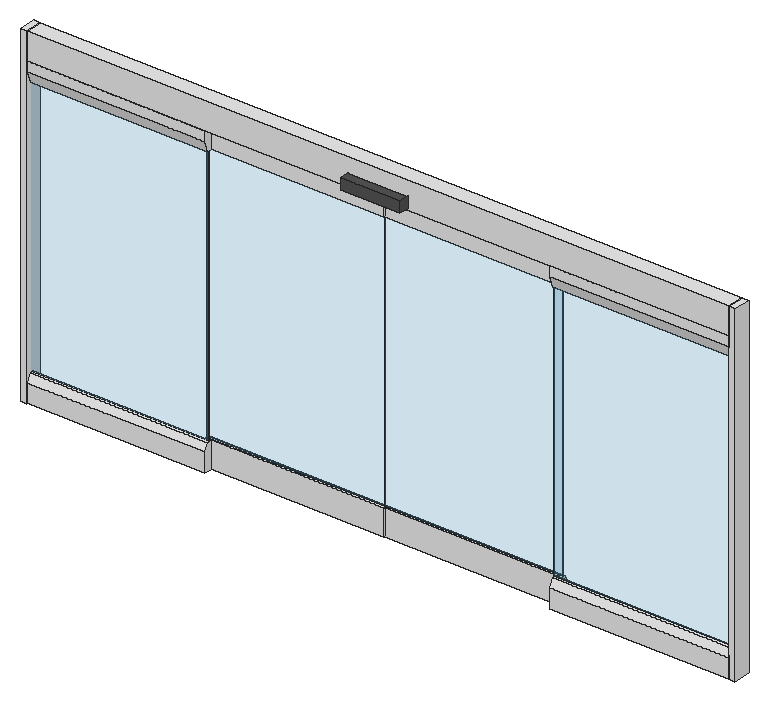
Revit family "Door_Sliding_AssaAbloy_AllGlass-BiPart", category Doors, host Wall, Revit 2023
Family settings
  Host = Wall
  OmniClass Number = 23.30.10.17.11
  OmniClass Title = Sliding Doors
  Always vertical = Yes
  Cut with Voids When Loaded = No
  Shared = No
  Room Calculation Point = No
Parameters (values of type "FSL 16 ft")
  Wall CL Offset Notes [instance] = "Use positive or negative values to determine location"  # constant formula
  Standards Conformance = "as Specified"
  Rail Height_Bottom [instance] = 0' - 7"
  RO Offset = 0' - 0 1/4"
  Panel Thickness = 0' - 1 7/8"
  Panel Height [instance] = if(Include Threshold, Height - 0' 0 5/8" - 0' 7 1/8", Height - 0' 0 1/8" - 0' 7 1/8")  # 6' - 10 1/2"
  Offset from Wall CL [instance] = 0' - 0"
  Include Threshold [instance] = no
  Hardware Finish [instance] = Plastic - Black
  Glazing Type [instance] = ""
  Glazing Tint [instance] = Glass
  Glazing Thickness [instance] = 0' - 0 1/4"
  Glazing Configuration [instance] = ""
  Function = Interior
  Jamb Width = 0' - 1 3/4"
  Frame Thickness = 0' - 4 1/2"
  Frame Finish [instance] = Metal - Aluminum - Besam - Anodized - Clear
  Electrical_Voltage [instance] = 0 V
  Electrical_Frequency [instance] = 0 Hz
  Electrical_Amperage [instance] = 0 A
  Clear Opening Width = 6' - 10 1/8"
  Clear Opening Height [instance] = if(1 = 1, Height - 0' 8 7/8", 0' 0")  # 6' - 8 7/8"
  Panel Width = (((Width / 2) - Jamb Width) / 2) + (0' 1" / 2) + 0' 0 1/4"  # 3' - 11 7/8"
  Warranty Duration (Years) = 0
  URL = "http://www.besam-usa.com/en/besam/us/"
  Thickness = 0' - 0"  # constant formula
  Test Data = ""
  Specification = "http://www.arcat.com/sd/clients/besamaut.html?coid=30906"
  SpecWizard = "http://www.arcat.com/specwizard/clients/besamaut.html?coid=30906"
  Send Message = "http://www.arcat.com/users.pl?action=UserEmail&company=Besam%20Entrance%20Solutions&coid=30906&rep=141&fax=704-290-5555&mf="
  Sales Information = "http://www.besam-usa.com/en/besam/us/About-us/Contact-Us/"
  Rough Width = (Width + (RO Offset * 2))  # 16' - 0 1/2"
  Rough Height = (Height + (RO Offset))  # 7' - 6"
  Product Properties = "http://www.besam-usa.com/en/besam/us/Products/"
  Product Data = "http://www.arcat.com/arcatcos/cos30/arc30906.html"
  Manufacturer Website = "http://www.besam-usa.com/en/besam/us/"
  Manufacturer Phone - Toll Free = "877-SPEC-123"
  Manufacturer Fax = "704-290-5555"
  Manufacturer Address = "1900 Airport Rd., Monroe, NC 28110"
  Maintenance Schedule (Months) = 0
  Installation-Fabrication = "http://www.besam-usa.com/en/besam/us/Downloads/"
  Installation Phase = ""
  Green Building-LEED = "http://www.arcat.com/green/clients/leed_data_30906.html"
  Model = "Besam SL500 CGL BP FSL16"
  Manufacturer = "ASSA ABLOY Entrance Systems"
  Keynote = "08463"
  Height = 7' - 5 3/4"
  Wall Closure = By host
  Width = 16' - 0"
  Fire Rating = "As Specified"
  Expected Lifespan (Years) = 0
  Drawn By = "Sumex Design, Inc. / Robert S. Weygant, CSI, CDT, SCIP"
  Description = "ASSA ABLOY All Glass BiPart Sliding Door - Besam SL500 CGL BP FSL16 as Specified"
  Copyright = "©Arcat Inc."
  Construction Details = "http://www.arcat.com/details/besamaut/besamaut.html?coid=30906"
  Building Codes = ""
  Assembly Code = "B2030110"
Types (4): name | Clear Opening Width | Panel Width | Rough Width | Model | Width | Description
  FSL 16 ft | 6' - 10 1/8" | 3' - 11 7/8" | 16' - 0 1/2" | "Besam SL500 CGL BP FSL16" | 16' - 0" | "ASSA ABLOY All Glass BiPart Sliding Door - Besam SL500 CGL BP FSL16 as Specified"
  FSL 14 ft | 5' - 10 1/8" | 3' - 5 7/8" | 14' - 0 1/2" | "Besam SL500 CGL BP FSL14" | 14' - 0" | "ASSA ABLOY All Glass BiPart Sliding Door - Besam SL500 CGL BP FSL14 as Specified"
  FSL 12 ft | 4' - 10 1/8" | 2' - 11 7/8" | 12' - 0 1/2" | "Besam SL500 CGL BP FSL12" | 12' - 0" | "ASSA ABLOY All Glass BiPart Sliding Door - Besam SL500 CGL BP FSL12 as Specified"
  FSL 10 ft | 3' - 10 1/8" | 2' - 5 7/8" | 10' - 0 1/2" | "Besam SL500 CGL BP FSL10" | 10' - 0" | "ASSA ABLOY All Glass BiPart Sliding Door - Besam SL500 CGL BP FSL10 as Specified"
Reference planes (in)
  plane 1 "Center (Front/Back)": y = -33.96225
  plane 2 "Center (Left/Right)": x = 64.28704
  plane 3: z = 0
  plane 4 "Right": x = 160.28704
  plane 5 "Left": x = -31.71296
  plane 6 "Closure": y = -35.96225
  plane 7: z = 0
  plane 8 "Top of Frame": z = 89.75
  plane 9 "RO Top": z = 90
  plane 10 "RO Right": x = 160.53704
  plane 11 "RO Left": x = -31.96296
  plane 12 "Frame Ext": y = -31.71225
  plane 13 "Frame Int": y = -36.21225
  plane 14: z = 0.125
  plane 15: x = 158.53704
  plane 16: x = -29.96296
  plane 17: z = 82.625
  plane 18: x = 17.91204
  plane 19: x = 110.66204
  plane 20: y = -34.64975
  plane 21: y = -34.77475
  plane 22: y = -34.52475
Forms (in)
  Extrusion 1, void
    sketch origin (0, -33.96225, 0) x (1, 0, 0) y (0, 0, 1)
      loop
        line (67.28704, 0) -> (67.28704, 2.875) -> (61.28704, 2.875) -> (61.28704, 0) -> (67.28704, 0)
    from 0 <- "Offset from Wall CL" to 12.0625
  Extrusion 2, void
    sketch origin (0, -33.96225, 0) x (-1, 0, 0) y (0, 0, 1)
      loop
        line (-19.16204, 0) -> (-19.16204, 1.875) -> (-22.16204, 1.875) -> (-22.16204, 0) -> (-19.16204, 0)
    from 0 to 12
  Extrusion 3, void
    sketch origin (0, -33.96225, 0) x (-1, 0, 0) y (0, 0, 1)
      loop
        line (-109.41204, 0) -> (-106.41204, 0) -> (-106.41204, 1.875) -> (-109.41204, 1.875) -> (-109.41204, 0)
    from -2.25 to 12
Lines and regions (in)
  Opening 1
    outline origin (-109.33485, -35.96225, 0) x (1, 0, 0) y (0, 0, 1)
      loop
        line (77.37189, 0) -> (269.87189, 0) -> (269.87189, 90) -> (77.37189, 90) -> (77.37189, 0)
Text (in)
  text "Exterior" at (48.04558, 2.31104, 0), in view "Plan"
  text "Interior" at (48.04558, -50.14366, 0), in view "Plan"
  text "Exterior" at (0, -17.98638, 123.01588), in view "Right"
  text "Interior" at (0, -64.39139, 123.01588), in view "Right"
  text "Interior" at (0, -52.09468, 121.14095), in view "Left"
  text "Exterior" at (0, 26.35325, 123.00693), in view "Left"
Dimensions and locks (in)
  equal spacing: plane 4 "Right", plane 2 "Center (Left/Right)", plane 5 "Left"
  "Width": plane 5 "Left" to plane 4 "Right"
  "Height": level to plane 8 "Top of Frame"
  "RO Offset": plane 5 "Left" to plane 11 "RO Left"
  "RO Offset": plane 10 "RO Right" to plane 4 "Right"
  "Frame Thickness": plane 12 "Frame Ext" to plane 13 "Frame Int"
  equal spacing: plane 12 "Frame Ext", plane 1 "Center (Front/Back)", plane 13 "Frame Int"
  "Jamb Width": plane 5 "Left" to plane 16
  "Jamb Width": plane 4 "Right" to plane 15
  locked: plane 17 to plane 8 "Top of Frame" at 7.125
  "Panel Width": plane 19 to plane 15
  "Panel Width": plane 16 to plane 18
  locked: plane 20 to plane 13 "Frame Int" at 1.5625
  equal spacing: plane 22, plane 20, plane 21
  "Glazing Thickness": plane 22 to plane 21
  "RO Offset": plane 8 "Top of Frame" to plane 9 "RO Top"
  "Panel Height": plane 14 to plane 17
  aligned and locked: host wall to plane 1 "Center (Front/Back)"
  aligned and locked: host wall to plane 6 "Closure"
  aligned and locked: Opening 1 sketch curve to level
  aligned and locked: plane 10 "RO Right" to Opening 1 sketch curve
  aligned and locked: Opening 1 sketch curve to plane 9 "RO Top"
  aligned and locked: plane 11 "RO Left" to Opening 1 sketch curve
  aligned and locked: plane 2 "Center (Left/Right)" to nested 2
  aligned and locked: plane 2 "Center (Left/Right)" to nested 4
  aligned and locked: nested 1 to plane 16
  aligned and locked: nested 3 to plane 15
  aligned: nested 4 to plane 12 "Frame Ext"
  aligned: plane 12 "Frame Ext" to nested 2
  aligned and locked: nested 5 to Extrusion 1
  aligned and locked: nested 3 to Extrusion 3
  aligned and locked: nested 1 to Extrusion 3
  aligned and locked: nested 2 to Extrusion 2
  aligned and locked: nested 4 to Extrusion 2
  aligned and locked: plane 14 to nested 3
  aligned and locked: plane 14 to nested 4
  aligned and locked: nested 2 to plane 14
  aligned and locked: nested 1 to plane 14
Automatic sketch dimensions
  Extrusion 1 sketch curve to level = 0' - 0"
  Extrusion 1 sketch curve to plane 2 "Center (Left/Right)" = 0' - 3"
  plane 2 "Center (Left/Right)" to Extrusion 1 sketch curve = 0' - 3"
  plane 14 to Extrusion 1 sketch curve = 0' - 2 3/4"
  Extrusion 2 sketch curve to Extrusion 1 = 0' - 0"
  Extrusion 2 sketch curve to Extrusion 1 = 0' - 1"
  Extrusion 1 to Extrusion 2 sketch curve = 3' - 6 1/8"
  Extrusion 2 sketch curve to Extrusion 2 sketch curve = 0' - 3"
  Extrusion 3 sketch curve to Extrusion 1 = 0' - 0"
  Extrusion 1 to Extrusion 3 sketch curve = 3' - 3 1/8"
  Extrusion 3 sketch curve to Extrusion 1 = 0' - 1"
  Extrusion 3 sketch curve to Extrusion 3 sketch curve = 0' - 3"
Nested families (in)
  nested 1: "Panel_AllGlass" at (-6.02546, -35.27475, 0.125) x (-1, 0, 0) z (0, 0, 1), Glass Type <- "Glazing Tint", Width <- "Panel Width", Thickness <- "Panel Thickness", Height <- "Panel Height", Glass Thickness <- "Glazing Thickness", Frame Material <- "Frame Finish", type "Panel_AllGlass"
    with Width 3' - 11 7/8", Thickness 0' - 1 7/8", Slide Right no, Slide Left no, Pivot Flat Side yes, Pivot Curved Side no, Muntin no, Height 6' - 10 1/2", Glass Type Glass, Glass Thickness 0' - 0 1/4", Frame Material Metal - Aluminum - Besam - Anodized - Clear, Flat Corner yes, 2 Curved Corners no
  nested 2: "Panel_AllGlass" at (40.34954, -33.02475, 0.125), Glass Type <- "Glazing Tint", Width <- "Panel Width", Thickness <- "Panel Thickness", Height <- "Panel Height", Glass Thickness <- "Glazing Thickness", Frame Material <- "Frame Finish", type "Panel_AllGlass"
    with Width 3' - 11 7/8", Thickness 0' - 1 7/8", Slide Right no, Slide Left yes, Pivot Flat Side no, Pivot Curved Side yes, Muntin no, Height 6' - 10 1/2", Glass Type Glass, Glass Thickness 0' - 0 1/4", Frame Material Metal - Aluminum - Besam - Anodized - Clear, Flat Corner yes, 2 Curved Corners no
  nested 3: "Panel_AllGlass" at (134.59954, -35.27475, 0.125), Glass Type <- "Glazing Tint", Width <- "Panel Width", Thickness <- "Panel Thickness", Height <- "Panel Height", Glass Thickness <- "Glazing Thickness", Frame Material <- "Frame Finish", type "Panel_AllGlass"
    with Width 3' - 11 7/8", Thickness 0' - 1 7/8", Slide Right no, Slide Left no, Pivot Flat Side yes, Pivot Curved Side no, Muntin no, Height 6' - 10 1/2", Glass Type Glass, Glass Thickness 0' - 0 1/4", Frame Material Metal - Aluminum - Besam - Anodized - Clear, Flat Corner yes, 2 Curved Corners no
  nested 4: "Panel_AllGlass" at (88.22454, -33.02475, 0.125) x (-1, 0, 0) z (0, 0, 1), Glass Type <- "Glazing Tint", Width <- "Panel Width", Thickness <- "Panel Thickness", Height <- "Panel Height", Glass Thickness <- "Glazing Thickness", Frame Material <- "Frame Finish", type "Panel_AllGlass"
    with Width 3' - 11 7/8", Thickness 0' - 1 7/8", Slide Right no, Slide Left yes, Pivot Flat Side no, Pivot Curved Side yes, Muntin no, Height 6' - 10 1/2", Glass Type Glass, Glass Thickness 0' - 0 1/4", Frame Material Metal - Aluminum - Besam - Anodized - Clear, Flat Corner yes, 2 Curved Corners no
  nested 5: "Frame" at (64.28704, -33.96225, 0), hardware finish <- "Hardware Finish", glazing <- "Glazing Tint", frame finish <- "Frame Finish", width <- "Width", height <- "Height", threshold <- "Include Threshold", type "Frame"
    with width 16' - 0", transom height 1' - 3", threshold no, panel width 3' - 5 7/8", height 7' - 5 3/4", hardware finish Plastic - Black, glazing Glass, frame finish Metal - Aluminum - Besam - Anodized - Clear
Definition of nested family "Panel_AllGlass"
  Parameters
    Width [instance] = 3' - 0"
    Thickness [instance] = 0' - 1 7/8"
    Slide Right [instance] = yes
    Slide Left [instance] = yes
    Rail Width_Top = 0' - 5 1/2"
    Rail Width_Base = 0' - 7"
    Pivot Flat Side [instance] = no
    Pivot Curved Side [instance] = yes
    Muntin [instance] = no
    Height [instance] = 7' - 0"
    Glass Type [instance] = none
    Glass Thickness [instance] = 0' - 0 1/4"
    Frame Material [instance] = none
    Flat Corner [instance] = not([2 Curved Corners])  # yes
    Assembly Code = ""
    2 Curved Corners [instance] = no
  Reference planes (in)
    plane 1 "Center (Front/Back)": y = 0
    plane 2: z = 0
    plane 3 "Center (Left/Right)": x = 0
    plane 4: x = -18
    plane 5: x = 18
    plane 6 "Frame_Ext": y = 0.9375
    plane 7 "Frame_Int": y = -0.9375
    plane 8: z = 84
    plane 9: z = 78.5
    plane 10: z = 7
    plane 11 "Glass_Ext": y = -0.4375
    plane 12 "Glass_Int": y = -0.6875
    plane 13: z = 42
  Forms (in)
    Extrusion 1, solid, material <- "Glass Type"
      sketch origin (-19.12252, -0.6875, 48) x (-1, 0, 0) y (0, 0, -1)
        loop
          line (-1.12252, -30.5) -> (-1.12252, 41) -> (-37.12252, 41) -> (-37.12252, -30.5) -> (-1.12252, -30.5)
      from 0 to -0.25
    Sweep 2, solid, material <- "Frame Material"
      path origin (0, 0, 0) x (1, 0, 0) y (0, 0, 1)
        loop
          line (-18, 84) -> (18, 84)
      profile origin (0, 0, 84) x (0, 0, 1) y (0, -1, 0)
        loop
          line (0, -0.9375) -> (0, 0.9375) -> (-5.5, 0.9375) -> (-5.5, 0.07597) -> (-2.71553, -0.9375) -> (0, -0.9375)
    Sweep 3, solid, material <- "Frame Material"
      path origin (0, 0, 0) x (1, 0, 0) y (0, 0, 1)
        loop
          line (-18, 0) -> (18, 0)
      profile origin (0, 0, 0) x (0, 0, 1) y (0, -1, 0)
        loop
          line (5.05144, -0.9375) -> (7, 0) -> (7, 0.9375) -> (0, 0.9375) -> (0, -0.9375) -> (5.05144, -0.9375)
  Lines and regions (in)
    Masking region 1, visible <- "Slide Right"
      outline origin (0, 0, 0) x (1, 0, 0) y (0, 1, 0)
        loop
          line (-1.75, -4.4375) -> (-1.75, -6.4375) -> (1.75, -6.4375) -> (1.75, -7.4375) -> (3.75, -5.4375) -> (1.75, -3.4375) -> (1.75, -4.4375) -> (-1.75, -4.4375)
    Masking region 2, visible <- "Slide Left"
      outline origin (0, 0, 0) x (0, 1, 0) y (-1, 0, 0)
        loop
          line (-4.4375, -1.75) -> (-4.4375, 1.75) -> (-3.4375, 1.75) -> (-5.4375, 3.75) -> (-7.4375, 1.75) -> (-6.4375, 1.75) -> (-6.4375, -1.75) -> (-4.4375, -1.75)
    symbolic lines, visible <- "Pivot Curved Side"
      curve 1: arc (18, -0.01635, 0) -> (7.45584, 25.43949, 0) -> (-18, 35.98365, 0) r 36
      curve 2: line (-18, 35.98365, 0) -> (-18, 0, 0)
    model lines, visible <- "Slide Right"
      curve 3: line (-1.75, -0.9375, 47) -> (1.75, -0.9375, 47)
      curve 4: line (1.75, -0.9375, 47) -> (1.75, -0.9375, 48)
      curve 5: line (-1.75, -0.9375, 47) -> (-1.75, -0.9375, 45)
      curve 6: line (-1.75, -0.9375, 45) -> (1.75, -0.9375, 45)
      curve 7: line (1.75, -0.9375, 45) -> (1.75, -0.9375, 44)
      curve 8: line (1.75, -0.9375, 44) -> (3.75, -0.9375, 46)
      curve 9: line (1.75, -0.9375, 48) -> (3.75, -0.9375, 46)
      curve 17: line (-1.75, 0.9375, 47) -> (1.75, 0.9375, 47)
      curve 18: line (-1.75, 0.9375, 47) -> (-1.75, 0.9375, 45)
      curve 19: line (-1.75, 0.9375, 45) -> (1.75, 0.9375, 45)
      curve 20: line (1.75, 0.9375, 45) -> (1.75, 0.9375, 44)
      curve 21: line (1.75, 0.9375, 44) -> (3.75, 0.9375, 46)
      curve 29: line (1.75, 0.9375, 47) -> (1.75, 0.9375, 48)
      curve 30: line (1.75, 0.9375, 48) -> (3.75, 0.9375, 46)
    model lines, visible <- "Slide Left"
      curve 10: line (1.75, -0.9375, 47) -> (-1.75, -0.9375, 47)
      curve 11: line (-1.75, -0.9375, 47) -> (-1.75, -0.9375, 48)
      curve 12: line (1.75, -0.9375, 47) -> (1.75, -0.9375, 45)
      curve 13: line (1.75, -0.9375, 45) -> (-1.75, -0.9375, 45)
      curve 14: line (-1.75, -0.9375, 45) -> (-1.75, -0.9375, 44)
      curve 15: line (-1.75, -0.9375, 44) -> (-3.75, -0.9375, 46)
      curve 16: line (-1.75, -0.9375, 48) -> (-3.75, -0.9375, 46)
      curve 22: line (1.75, 0.9375, 47) -> (-1.75, 0.9375, 47)
      curve 23: line (1.75, 0.9375, 47) -> (1.75, 0.9375, 45)
      curve 24: line (1.75, 0.9375, 45) -> (-1.75, 0.9375, 45)
      curve 25: line (-1.75, 0.9375, 45) -> (-1.75, 0.9375, 44)
      curve 26: line (-1.75, 0.9375, 44) -> (-3.75, 0.9375, 46)
      curve 27: line (-1.75, 0.9375, 47) -> (-1.75, 0.9375, 48)
      curve 28: line (-1.75, 0.9375, 48) -> (-3.75, 0.9375, 46)
  Dimensions and locks (in)
    equal spacing: plane 7 "Frame_Int", plane 1 "Center (Front/Back)", plane 6 "Frame_Ext"
    "Thickness": plane 6 "Frame_Ext" to plane 7 "Frame_Int"
    equal spacing: plane 4, plane 3 "Center (Left/Right)", plane 5
    "Width": plane 4 to plane 5
    "Height": plane 8 to level
    "Rail Width_Top": plane 8 to plane 9
    "Rail Width_Base": plane 10 to level
    "Glass Thickness": plane 12 "Glass_Int" to plane 11 "Glass_Ext"
    equal spacing: plane 8, plane 13, level
    locked: plane 12 "Glass_Int" to plane 7 "Frame_Int" at 0.25
    locked: Sweep 2 sketch curve to plane 9 at 2.78447
    locked: plane 10 to Sweep 3 sketch curve at 1.94856
    aligned and locked: plane 9 to Sweep 2 sketch curve
    aligned and locked: plane 7 "Frame_Int" to Sweep 2 sketch curve
    aligned and locked: Sweep 2 sketch curve to plane 6 "Frame_Ext"
    aligned and locked: Sweep 3 sketch curve to plane 10
    aligned and locked: plane 7 "Frame_Int" to Sweep 3 sketch curve
    aligned and locked: Sweep 3 sketch curve to plane 6 "Frame_Ext"
    aligned and locked: plane 11 "Glass_Ext" to Extrusion 1
  Automatic sketch dimensions
    plane 1 "Center (Front/Back)" to curve 2 = 0' - 0"
    curve 2 to plane 4 = 0' - 0"
    curve 1 to plane 5 = 0' - 0"
    plane 1 "Center (Front/Back)" to curve 1 = 0' - 0.01635"
    Extrusion 1 sketch curve to plane 5 = 0' - 0"
    Extrusion 1 sketch curve to plane 4 = 0' - 0"
    Extrusion 1 sketch curve to plane 10 = 0' - 0"
    Extrusion 1 sketch curve to plane 9 = 0' - 0"
    Sweep 2 sketch curve to plane 4 = 0' - 0"
    Sweep 2 sketch curve to plane 5 = 0' - 0"
    Sweep 2 sketch curve to plane 8 = 0' - 0"
    profile plane to Sweep 2 sketch curve = 0' - 0"
    plane 1 "Center (Front/Back)" to Sweep 2 sketch curve = 0' - 0.07597"
    Sweep 3 sketch curve to level = 0' - 0"
    Sweep 3 sketch curve to plane 4 = 0' - 0"
    Sweep 3 sketch curve to plane 5 = 0' - 0"
    profile plane to Sweep 3 sketch curve = 0' - 0"
    Sweep 3 sketch curve to plane 1 "Center (Front/Back)" = 0' - 0"
    plane 3 "Center (Left/Right)" to curve 9 = 0' - 3 3/4"
    plane 3 "Center (Left/Right)" to curve 4 = 0' - 1 3/4"
    curve 10 to plane 3 "Center (Left/Right)" = 0' - 1 3/4"
    curve 3 to curve 16 = 0' - 2"
    plane 13 to curve 14 = 0' - 2"
    plane 13 to curve 7 = 0' - 2"
    curve 7 to curve 13 = 0' - 1"
    curve 6 to curve 9 = 0' - 1"
    curve 5 to curve 15 = 0' - 1"
    curve 10 to curve 4 = 0' - 1"
    plane 3 "Center (Left/Right)" to curve 30 = 0' - 3 3/4"
    plane 3 "Center (Left/Right)" to curve 29 = 0' - 1 3/4"
    curve 22 to plane 3 "Center (Left/Right)" = 0' - 1 3/4"
    curve 17 to curve 26 = 0' - 2"
    plane 13 to curve 21 = 0' - 2"
    plane 13 to curve 25 = 0' - 2"
    curve 25 to curve 18 = 0' - 1"
    curve 18 to curve 28 = 0' - 1"
    curve 19 to curve 30 = 0' - 1"
    curve 23 to curve 29 = 0' - 1"
    Masking region 1 sketch curve to plane 3 "Center (Left/Right)" = 0' - 1 3/4"
    plane 3 "Center (Left/Right)" to Masking region 1 sketch curve = 0' - 1 3/4"  (x2)
    Masking region 1 sketch curve to Masking region 1 sketch curve = 0' - 2"  (x2)
    Masking region 1 sketch curve to plane 7 "Frame_Int" = 0' - 6 1/2"
    Masking region 1 sketch curve to Masking region 1 sketch curve = 0' - 1"  (x2)
    Masking region 2 sketch curve to plane 3 "Center (Left/Right)" = 0' - 1 3/4"  (x2)
    Masking region 2 sketch curve to plane 7 "Frame_Int" = 0' - 6 1/2"
    Masking region 2 sketch curve to Masking region 2 sketch curve = 0' - 1"  (x3)
    Masking region 2 sketch curve to Masking region 2 sketch curve = 0' - 2"
    plane 3 "Center (Left/Right)" to Masking region 2 sketch curve = 0' - 1 3/4"
Definition of nested family "Frame"
  Parameters
    width [instance] = 4' - 2"
    transom height [instance] = 1' - 3"
    threshold [instance] = yes
    panel width [instance] = 1' - 7 1/4"
    height [instance] = 5' - 3.19658"
    hardware finish [instance] = none
    glazing [instance] = none
    frame finish [instance] = none
    Default Elevation = 0' - 0"
    Assembly Code = ""
  Reference planes (in)
    plane 1 "Center (Front/Back)": y = 0
    plane 2: z = 0
    plane 3 "Center (Left/Right)": x = 0
    plane 4: x = -25
    plane 5: x = -23.25
    plane 6: x = 23.25
    plane 7: x = 25
    plane 8: z = 63.19658
    plane 9: z = 56.07158
    plane 10: z = 78.19658
  Forms (in)
    Extrusion 1, solid, material <- "frame finish"
      sketch origin (0, 0, 0) x (1, 0, 0) y (0, 1, 0)
        loop
          line (-25, -2.25) -> (-23.25, -2.25) -> (-23.25, 2.25) -> (-25, 2.25) -> (-25, -2.25)
        loop
          line (25, -2.25) -> (25, 2.25) -> (23.25, 2.25) -> (23.25, -2.25) -> (25, -2.25)
      from 0 to 63.19658
    Extrusion 2, solid, material <- "frame finish"
      sketch origin (0, 0, 0) x (0, 1, 0) y (0, 0, 1)
        loop
          line (-2.25, 63.19658) -> (-2.25, 56.07158) -> (2.25, 56.07158) -> (2.25, 63.19658) -> (-2.25, 63.19658)
      from -23.25 to 23.25
    Extrusion 3, solid, material <- "frame finish", visible <- "threshold"
      sketch origin (0, 0, 0) x (0, 1, 0) y (0, 0, 1)
        loop
          line (2.5, 0.5) -> (-2.5, 0.5) -> (-3.87374, 0) -> (3.87374, 0) -> (2.5, 0.5)
      from -23.25 to 23.25
    Extrusion 4, solid, material <- "hardware finish"
      sketch origin (0, 0, 0) x (0, 1, 0) y (0, 0, 1)
        loop
          line (2.25, 59.94658) -> (2.25, 56.94658) -> (4.75, 56.94658) -> (4.75, 59.94658) -> (2.25, 59.94658)
        loop
          line (-4.75, 59.32158) -> (-4.75, 56.32158) -> (-2.25, 56.32158) -> (-2.25, 59.32158) -> (-4.75, 59.32158)
      from 8 to -8
    Extrusion 5, solid, material <- "frame finish", not visible
      sketch origin (0, 0, 0) x (1, 0, 0) y (0, 0, 1)
        loop
          line (-25, 78.19658) -> (-25, 63.19658) -> (-23.25, 63.19658) -> (-23.25, 76.44658) -> (-0.875, 76.44658) -> (-0.875, 63.19658) -> (0.875, 63.19658) -> (0.875, 76.44658) -> (23.25, 76.44658) -> (23.25, 63.19658) -> (25, 63.19658) -> (25, 78.19658) -> (-25, 78.19658)
      from -2.25 to 2.25
    Extrusion 6, solid, material <- "frame finish", not visible
      sketch origin (0, 0, 0) x (1, 0, 0) y (0, 0, 1)
        loop
          line (-23.25, 64.19658) -> (-23.25, 63.19658) -> (23.25, 63.19658) -> (23.25, 64.19658) -> (-23.25, 64.19658)
      from -1.67852 to 0.29207
    Extrusion 7, solid, material <- "glazing", not visible
      sketch origin (0, 0, 0) x (1, 0, 0) y (0, 0, 1)
        loop
          line (-23.25, 76.44658) -> (-23.25, 64.19658) -> (23.25, 64.19658) -> (23.25, 76.44658) -> (-23.25, 76.44658)
      from -1.21131 to -1.02391
  Dimensions and locks (in)
    equal spacing: plane 4, plane 3 "Center (Left/Right)", plane 7
    locked: plane 4 to plane 5 at 1.75
    locked: plane 6 to plane 7 at 1.75
    "width": plane 4 to plane 7
    "height": plane 8 to level
    locked: plane 8 to plane 9 at 7.125
    Extrusion 4 sketch curve to Extrusion 4 sketch curve to plane 9 = 0' - 3" locked, 0' - 0 1/4" locked
    Extrusion 4 sketch curve to Extrusion 4 sketch curve to plane 9 = 0' - 3" locked, 0' - 0 7/8" locked
    "transom height": plane 10 to plane 8
    locked: plane 10 to Extrusion 5 sketch curve at 1.75
    locked: Extrusion 6 sketch curve to plane 8 at 1
    locked: plane 10 to Extrusion 7 sketch curve at 1.75
    locked: Extrusion 7 sketch curve to plane 8 at 1
    Extrusion 5 sketch curve to plane 3 "Center (Left/Right)" to Extrusion 5 sketch curve = 0' - 0 7/8" locked, 0' - 0 7/8" locked
    aligned and locked: plane 2 to level
    aligned: plane 9 to Extrusion 1
    aligned and locked: plane 8 to Extrusion 1
    aligned and locked: plane 8 to Extrusion 2 sketch curve
    aligned and locked: Extrusion 2 sketch curve to plane 9
    aligned and locked: plane 6 to Extrusion 2
    aligned and locked: Extrusion 2 to plane 5
    aligned and locked: plane 6 to Extrusion 3
    aligned and locked: Extrusion 3 to plane 5
    aligned and locked: plane 5 to Extrusion 5 sketch curve
    aligned and locked: Extrusion 5 sketch curve to plane 4
    aligned and locked: Extrusion 5 sketch curve to plane 6
    aligned and locked: plane 7 to Extrusion 5 sketch curve
    aligned and locked: plane 10 to Extrusion 5 sketch curve
    aligned and locked: Extrusion 6 sketch curve to plane 6
    aligned and locked: plane 5 to Extrusion 6 sketch curve
    aligned and locked: plane 8 to Extrusion 6 sketch curve
    aligned and locked: plane 5 to Extrusion 7 sketch curve
    aligned and locked: Extrusion 7 sketch curve to plane 6
  Automatic sketch dimensions
    plane 1 "Center (Front/Back)" to Extrusion 1 sketch curve = 0' - 2 1/4"  (x2)
    Extrusion 1 sketch curve to plane 4 = 0' - 0"
    Extrusion 1 sketch curve to plane 5 = 0' - 0"
    Extrusion 1 sketch curve to plane 6 = 0' - 0"
    Extrusion 1 sketch curve to plane 7 = 0' - 0"
    Extrusion 1 sketch curve to Extrusion 1 sketch curve = 0' - 4 1/2"
    Extrusion 1 sketch curve to plane 1 "Center (Front/Back)" = 0' - 2 1/4"
    plane 1 "Center (Front/Back)" to Extrusion 2 sketch curve = 0' - 2 1/4"
    Extrusion 2 sketch curve to plane 1 "Center (Front/Back)" = 0' - 2 1/4"
    Extrusion 3 sketch curve to level = 0' - 0"
    Extrusion 3 sketch curve to Extrusion 3 sketch curve = 0' - 5"
    plane 1 "Center (Front/Back)" to Extrusion 3 sketch curve = 0' - 3.87374"
    level to Extrusion 3 sketch curve = 0' - 0 1/2"
    Extrusion 3 sketch curve to Extrusion 3 sketch curve = 0' - 1.37374"  (x2)
    plane 1 "Center (Front/Back)" to Extrusion 4 sketch curve = 0' - 4 3/4"
    plane 1 "Center (Front/Back)" to Extrusion 4 sketch curve = 0' - 2 1/4"
    Extrusion 4 sketch curve to plane 1 "Center (Front/Back)" = 0' - 2 1/4"
    Extrusion 4 sketch curve to Extrusion 4 sketch curve = 0' - 2 1/2"
    Extrusion 5 sketch curve to plane 8 = 0' - 0"  (x3)
    Extrusion 5 sketch curve to Extrusion 5 sketch curve = 0' - 0"
